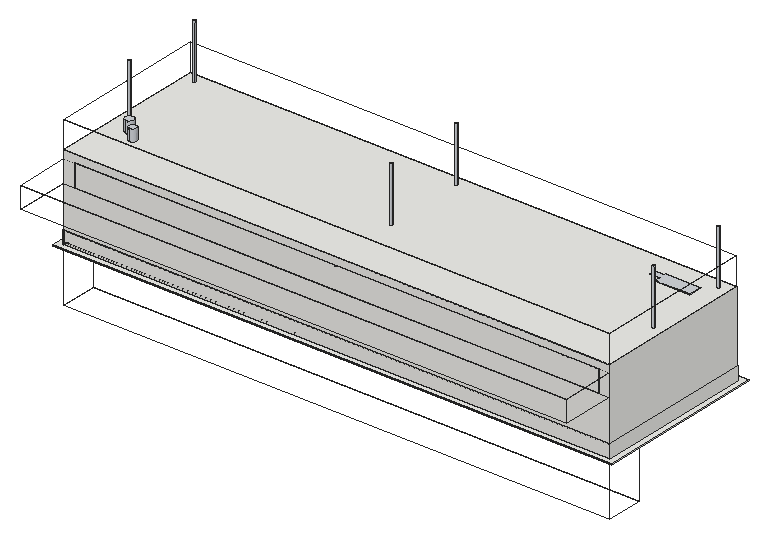
Revit family "AIRTECNICS_AIR CURTAIN_RECESSED DAM_DX-VRF_(HITACHI)", category Equipos mecánicos, Revit 2016 (continued)
Types (23, lengths in mm): name | Weight | Product Size | Product Reference | Product Heating | Product Description | Power Fans | Noise Level (dB(A)) | Mainfolds | M | Length | Heating Capacity | Gas Coil Volume | G | External Ut. Reference | Dn_Metric_Refrig_Liquid | Dn_Metric_Refrig_Gas | DX VRV | DX Kit | DX Coil Rows = 4 | DX Coil Rows = 3 | DX Coil Rows | DX 1:1 | Current Fans | L | CT | CR | CM | CH | Apparent Load | Airflow
  RDAM ECG 2000 VRF20-HI | 105.00 kg | "2000" | "RDAM ECG 2000 VRF20-HI" | "Direct Expansion VRF system" | "Compact and low profile recessed air curtain with full grille view and energy savings heat pump: Up to 70% reduction in costs and CO2 emissions (heating mode).\r\nSelf-supporting casing construction made of galvanized steel plate, ready to be installed recessed in a false ceiling. \r\nInlet grille (free of maintenance) made with aluminium profiles and blow-out nozzle, integrated in a single white frame colour RAL 9016. Other colours are available on request. \r\nDouble-inlet centrifugal fans driven by an external rotor motor and low noise level. 5-speed selector. EC models assembled with very low consumption efficiency fans. \r\nIncludes only heating direct expansion coil with installed temperature sensors. Under request it can be modified to work in cooling and heating mode (not recomended) with optional condensate water pump.\r\nPlug&Play control panel CS-5DX-NE slave DX with 5 speeds selector and 7m telephone cable included.\r\nReady to connect to HITACHI VRF outdoor heat pump unit (R410A), not included, the customer should purchase it.\r\nRequires EXV-8.0E2 HITACHI VRF Interface KIT adapted for air curtain with expansion valve and  PC-ART programmable control, please consult. The client should send the complete DX kit to Airtècnics in order to adapt it and install the temperature sensors.\r\nAir Volume: 4380 m3/h \r\nFans:  0,426 kW  3,72 A 230Vx1 50/60Hz\r\nHeating capacity: 20,21 kW\r\nDimensions: 627x310x2048 mm (depth, height, length)\r\nNOT SUPPLIED BY AIRTÈCNICS:\r\nEXV-8.0E2 Interface VRF kit with direct expansion valve and PC-ART programmable control.\r\nExternal unit VRF." | 0.426 kW | 63 | "1\" & 3/8" | no | 2048.0 | 20.21 kW | 3.10 L | yes | "Not available" | 10 | 25 | yes | "EXV-8.0E2" | no | yes | 3 | no | 3.72 A | 2000.0 | 8 | 4 | 12 | 4 | 852 VA | 4380 m³/h
  RDAM ECG 2000 DX22-HI | 105.00 kg | "2000" | "RDAM ECG 2000 DX22-HI" | "Direct Expansion 1:1 system" | "Compact and low profile recessed air curtain with full grille view and energy savings heat pump: Up to 70% reduction in costs and CO2 emissions (heating mode).\r\nSelf-supporting casing construction made of galvanized steel plate, ready to be installed recessed in a false ceiling. \r\nInlet grille (free of maintenance) made with aluminium profiles and blow-out nozzle, integrated in a single white frame colour RAL 9016. Other colours are available on request. \r\nDouble-inlet centrifugal fans driven by an external rotor motor and low noise level. 5-speed selector. EC models assembled with very low consumption efficiency fans. \r\nIncludes only heating direct expansion coil with installed temperature sensors. Under request it can be modified to work in cooling and heating mode (not recomended) with optional condensate water pump.\r\nPlug&Play control panel CS-5DX-NE slave DX with 5 speeds selector and 7m telephone cable included.\r\nReady to connect to HITACHI Inverter outdoor heat pump unit (R410A), not included, the customer should purchase it.\r\nRequires EXV-8.0E2 HITACHI DX Interface KIT adapted for air curtain with expansion valve and  PC-ART programmable control, please consult. The client should send the complete DX kit to Airtècnics in order to adapt it and install the temperature sensors.\r\nAir Volume: 4380 m3/h \r\nFans:  0,426 kW  3,72 A 230Vx1 50/60Hz\r\nHeating capacity: 22,40 kW\r\nDimensions: 627x310x2048 mm (depth, height, length)\r\nNOT SUPPLIED BY AIRTÈCNICS:\r\nEXV-8.0E2 Interface DX kit with direct expansion valve and PC-ART programmable control.\r\nExternal unit:\r\n RAS-8HNCEExternal unit with direct expansion valve Hitachi, triple phase motor 400Vx3 50Hz.\r\nHeating capacity 22,4kW. Heating power: 5,28kW. COP 4,24.\r\nCooling capacity 20kW. Cooling power 5,95kW. EER 3,36.\r\nCooling circuits 1\" - 3/8\".\r\nMaximum length 100m.\r\nMaximum slope 30m." | 0.426 kW | 63 | "1\" & 3/8" | no | 2048.0 | 22.4 kW | 4.10 L | yes | "RAS-8HNCE" | 10 | 25 | no | "EXV-8.0E2" | yes | no | 4 | yes | 3.72 A | 2000.0 | 8 | 2 | 12 | 2 | 852 VA | 4380 m³/h
  RDAM ECG 1500 VRF15-HI | 80.00 kg | "1500" | "RDAM ECG 1500 VRF15-HI" | "Direct Expansion VRF system" | "Compact and low profile recessed air curtain with full grille view and energy savings heat pump: Up to 70% reduction in costs and CO2 emissions (heating mode).\r\nSelf-supporting casing construction made of galvanized steel plate, ready to be installed recessed in a false ceiling. \r\nInlet grille (free of maintenance) made with aluminium profiles and blow-out nozzle, integrated in a single white frame colour RAL 9016. Other colours are available on request. \r\nDouble-inlet centrifugal fans driven by an external rotor motor and low noise level. 5-speed selector. EC models assembled with very low consumption efficiency fans. \r\nIncludes only heating direct expansion coil with installed temperature sensors. Under request it can be modified to work in cooling and heating mode (not recomended) with optional condensate water pump.\r\nPlug&Play control panel CS-5DX-NE slave DX with 5 speeds selector and 7m telephone cable included.\r\nReady to connect to HITACHI VRF outdoor heat pump unit (R410A), not included, the customer should purchase it.\r\nRequires EXV-6.0E2 HITACHI VRF Interface KIT adapted for air curtain with expansion valve and  PC-ART programmable control, please consult. The client should send the complete DX kit to Airtècnics in order to adapt it and install the temperature sensors.\r\nAir Volume: 2920 m3/h \r\nFans:  0,284 kW  2,48 A 230Vx1 50/60Hz\r\nHeating capacity: 15,32 kW\r\nDimensions: 627x310x1548 mm (depth, height, length)\r\nNOT SUPPLIED BY AIRTÈCNICS:\r\nEXV-6.0E2 Interface VRF kit with direct expansion valve and PC-ART programmable control.\r\nExternal unit VRF." | 0.284 kW | 62 | "5/8 & 3/8" | no | 1548.0 | 15.32 kW | 3.00 L | yes | "Not available" | 10 | 16 | yes | "EXV-6.0E2" | yes | no | 4 | no | 2.48 A | 1500.0 | 4 | 2 | 12 | 4 | 568 VA | 2920 m³/h
  RDAM ECG 1500 VRF13-HI | 80.00 kg | "1500" | "RDAM ECG 1500 VRF13-HI" | "Direct Expansion VRF system" | "Compact and low profile recessed air curtain with full grille view and energy savings heat pump: Up to 70% reduction in costs and CO2 emissions (heating mode).\r\nSelf-supporting casing construction made of galvanized steel plate, ready to be installed recessed in a false ceiling. \r\nInlet grille (free of maintenance) made with aluminium profiles and blow-out nozzle, integrated in a single white frame colour RAL 9016. Other colours are available on request. \r\nDouble-inlet centrifugal fans driven by an external rotor motor and low noise level. 5-speed selector. EC models assembled with very low consumption efficiency fans. \r\nIncludes only heating direct expansion coil with installed temperature sensors. Under request it can be modified to work in cooling and heating mode (not recomended) with optional condensate water pump.\r\nPlug&Play control panel CS-5DX-NE slave DX with 5 speeds selector and 7m telephone cable included.\r\nReady to connect to HITACHI VRF outdoor heat pump unit (R410A), not included, the customer should purchase it.\r\nRequires EXV-6.0E2 HITACHI VRF Interface KIT adapted for air curtain with expansion valve and  PC-ART programmable control, please consult. The client should send the complete DX kit to Airtècnics in order to adapt it and install the temperature sensors.\r\nAir Volume: 2920 m3/h \r\nFans:  0,284 kW  2,48 A 230Vx1 50/60Hz\r\nHeating capacity: 13,11 kW\r\nDimensions: 627x310x1548 mm (depth, height, length)\r\nNOT SUPPLIED BY AIRTÈCNICS:\r\nEXV-6.0E2 Interface VRF kit with direct expansion valve and PC-ART programmable control.\r\nExternal unit VRF." | 0.284 kW | 62 | "5/8 & 3/8" | no | 1548.0 | 13.11 kW | 2.20 L | yes | "Not available" | 10 | 16 | yes | "EXV-5.0E2" | no | yes | 3 | no | 2.48 A | 1500.0 | 4 | 4 | 12 | 4 | 568 VA | 2920 m³/h
  RDAM ECG 1500 DX15-HI | 80.00 kg | "1500" | "RDAM ECG 1500 DX15-HI" | "Direct Expansion 1:1 system" | "Compact and low profile recessed air curtain with full grille view and energy savings heat pump: Up to 70% reduction in costs and CO2 emissions (heating mode).\r\nSelf-supporting casing construction made of galvanized steel plate, ready to be installed recessed in a false ceiling. \r\nInlet grille (free of maintenance) made with aluminium profiles and blow-out nozzle, integrated in a single white frame colour RAL 9016. Other colours are available on request. \r\nDouble-inlet centrifugal fans driven by an external rotor motor and low noise level. 5-speed selector. EC models assembled with very low consumption efficiency fans. \r\nIncludes only heating direct expansion coil with installed temperature sensors. Under request it can be modified to work in cooling and heating mode (not recomended) with optional condensate water pump.\r\nPlug&Play control panel CS-5DX-NE slave DX with 5 speeds selector and 7m telephone cable included.\r\nReady to connect to HITACHI Inverter outdoor heat pump unit (R410A), not included, the customer should purchase it.\r\nRequires EXV-6.0E2 HITACHI DX Interface KIT adapted for air curtain with expansion valve and  PC-ART programmable control, please consult. The client should send the complete DX kit to Airtècnics in order to adapt it and install the temperature sensors.\r\nAir Volume: 2920 m3/h \r\nFans:  0,284 kW  2,48 A 230Vx1 50/60Hz\r\nHeating capacity: 15,32 kW\r\nDimensions: 627x310x1548 mm (depth, height, length)\r\nNOT SUPPLIED BY AIRTÈCNICS:\r\nEXV-6.0E2 Interface DX kit with direct expansion valve and PC-ART programmable control.\r\nExternal unit:\r\nOption 1: RAS-6HVNC1E\r\nExternal unit with direct expansion valve Hitachi, single phase motor 230Vx1 50Hz.\r\nHeating capacity 16kW. Heating power: 4,23kW. COP 3,78.\r\nCooling capacity 14kW. Cooling power 4,25kW. EER 3,29.\r\nCooling circuits 5/8\" - 3/8\".\r\nMaximum length 75m.\r\nMaximum slope 30m.\r\nOption 2: RAS-6HNC1E\r\nExternal unit with direct expansion valve Hitachi, triple phase motor 400Vx3 50Hz.\r\nHeating capacity 16kW. Heating power: 4,23kW. COP 3,78.\r\nCooling capacity 14kW. Cooling power 4,25kW. EER 3,29.\r\nCooling circuits 5/8\" - 3/8\".\r\nMaximum length 75m.\r\nMaximum slope 30m." | 0.284 kW | 62 | "5/8 & 3/8" | no | 1548.0 | 15.32 kW | 3.00 L | yes | "RAS-6HNC1E" | 10 | 16 | no | "EXV-6.0E2" | yes | no | 4 | yes | 2.48 A | 1500.0 | 4 | 2 | 12 | 2 | 568 VA | 2920 m³/h
  RDAM ECG 1500 DX13-HI | 80.00 kg | "1500" | "RDAM ECG 1500 DX13-HI" | "Direct Expansion 1:1 system" | "Compact and low profile recessed air curtain with full grille view and energy savings heat pump: Up to 70% reduction in costs and CO2 emissions (heating mode).\r\nSelf-supporting casing construction made of galvanized steel plate, ready to be installed recessed in a false ceiling. \r\nInlet grille (free of maintenance) made with aluminium profiles and blow-out nozzle, integrated in a single white frame colour RAL 9016. Other colours are available on request. \r\nDouble-inlet centrifugal fans driven by an external rotor motor and low noise level. 5-speed selector. EC models assembled with very low consumption efficiency fans. \r\nIncludes only heating direct expansion coil with installed temperature sensors. Under request it can be modified to work in cooling and heating mode (not recomended) with optional condensate water pump.\r\nPlug&Play control panel CS-5DX-NE slave DX with 5 speeds selector and 7m telephone cable included.\r\nReady to connect to HITACHI Inverter outdoor heat pump unit (R410A), not included, the customer should purchase it.\r\nRequires EXV-6.0E2 HITACHI DX Interface KIT adapted for air curtain with expansion valve and  PC-ART programmable control, please consult. The client should send the complete DX kit to Airtècnics in order to adapt it and install the temperature sensors.\r\nAir Volume: 2920 m3/h \r\nFans:  0,284 kW  2,48 A 230Vx1 50/60Hz\r\nHeating capacity: 13,11 kW\r\nDimensions: 627x310x1548 mm (depth, height, length)\r\nNOT SUPPLIED BY AIRTÈCNICS:\r\nEXV-6.0E2 Interface DX kit with direct expansion valve and PC-ART programmable control.\r\nExternal unit:\r\nOption 1: RAS-5HVNC1E\r\nExternal unit with direct expansion valve Hitachi, single phase motor 230Vx1 50Hz.\r\nHeating capacity 14kW. Heating power: 3,39kW. COP 4,12.\r\nCooling capacity 12,5kW. Cooling power 3,53kW. EER 3,54.\r\nCooling circuits 5/8\" - 3/8\".\r\nMaximum length 75m.\r\nMaximum slope 30m.\r\nOption 2: RAS-5HNC1E\r\nExternal unit with direct expansion valve Hitachi, triple phase motor 400Vx3 50Hz.\r\nHeating capacity 14kW. Heating power: 3,39kW. COP 4,12.\r\nCooling capacity 12,5kW. Cooling power 3,53kW. EER 3,54.\r\nCooling circuits 5/8\" - 3/8\".\r\nMaximum length 75m.\r\nMaximum slope 30m." | 0.284 kW | 62 | "5/8 & 3/8" | no | 1548.0 | 13.11 kW | 2.20 L | yes | "RAS-5HNC1E" | 10 | 16 | no | "EXV-5.0E2" | no | yes | 3 | yes | 2.48 A | 1500.0 | 4 | 4 | 12 | 2 | 568 VA | 2920 m³/h
  RDAM ECG 1000 VRF10-HI | 55.00 kg | "1000" | "RDAM ECG 1000 VRF10-HI" | "Direct Expansion VRF system" | "Compact and low profile recessed air curtain with full grille view and energy savings heat pump: Up to 70% reduction in costs and CO2 emissions (heating mode).\r\nSelf-supporting casing construction made of galvanized steel plate, ready to be installed recessed in a false ceiling. \r\nInlet grille (free of maintenance) made with aluminium profiles and blow-out nozzle, integrated in a single white frame colour RAL 9016. Other colours are available on request. \r\nDouble-inlet centrifugal fans driven by an external rotor motor and low noise level. 5-speed selector. EC models assembled with very low consumption efficiency fans. \r\nIncludes only heating direct expansion coil with installed temperature sensors. Under request it can be modified to work in cooling and heating mode (not recomended) with optional condensate water pump.\r\nPlug&Play control panel CS-5DX-NE slave DX with 5 speeds selector and 7m telephone cable included.\r\nReady to connect to HITACHI VRF outdoor heat pump unit (R410A), not included, the customer should purchase it.\r\nRequires EXV-4.0E2 HITACHI VRF Interface KIT adapted for air curtain with expansion valve and  PC-ART programmable control, please consult. The client should send the complete DX kit to Airtècnics in order to adapt it and install the temperature sensors.\r\nAir Volume: 2190 m3/h \r\nFans:  0,213 kW  1,86 A 230Vx1 50/60Hz\r\nHeating capacity: 9,70 kW\r\nDimensions: 627x310x1048 mm (depth, height, length)\r\nNOT SUPPLIED BY AIRTÈCNICS:\r\nEXV-4.0E2 Interface VRF kit with direct expansion valve and PC-ART programmable control.\r\nExternal unit VRF." | 0.213 kW | 61 | "5/8 & 3/8" | no | 1048.0 | 9.7 kW | 1.80 L | yes | "Not available" | 10 | 16 | yes | "EXV-4.0E2" | yes | no | 4 | no | 1.86 A | 1000.0 | 2 | 2 | 12 | 4 | 426 VA | 2190 m³/h
  RDAM ECG 1000 DX8-HI | 55.00 kg | "1000" | "RDAM ECG 1000 DX8-HI" | "Direct Expansion 1:1 system" | "Compact and low profile recessed air curtain with full grille view and energy savings heat pump: Up to 70% reduction in costs and CO2 emissions (heating mode).\r\nSelf-supporting casing construction made of galvanized steel plate, ready to be installed recessed in a false ceiling. \r\nInlet grille (free of maintenance) made with aluminium profiles and blow-out nozzle, integrated in a single white frame colour RAL 9016. Other colours are available on request. \r\nDouble-inlet centrifugal fans driven by an external rotor motor and low noise level. 5-speed selector. EC models assembled with very low consumption efficiency fans. \r\nIncludes only heating direct expansion coil with installed temperature sensors. Under request it can be modified to work in cooling and heating mode (not recomended) with optional condensate water pump.\r\nPlug&Play control panel CS-5DX-NE slave DX with 5 speeds selector and 7m telephone cable included.\r\nReady to connect to HITACHI Inverter outdoor heat pump unit (R410A), not included, the customer should purchase it.\r\nRequires EXV-3.0E2 HITACHI DX Interface KIT adapted for air curtain with expansion valve and  PC-ART programmable control, please consult. The client should send the complete DX kit to Airtècnics in order to adapt it and install the temperature sensors.\r\nAir Volume: 2190 m3/h \r\nFans:  0,213 kW  1,86 A 230Vx1 50/60Hz\r\nHeating capacity: 8,00 kW\r\nDimensions: 627x310x1048 mm (depth, height, length)\r\nNOT SUPPLIED BY AIRTÈCNICS:\r\nEXV-3.0E2 Interface DX kit with direct expansion valve and PC-ART programmable control.\r\nExternal unit:\r\n RAS-3HVNC1\r\nExternal unit with direct expansion valve Hitachi, single phase motor 230Vx1 50Hz.\r\nHeating capacity 8kW. Heating power: 1,9kW. SCOP 4,21.\r\nCooling capacity 7,1kW. Cooling power 1,94kW. SEER 3,66.\r\nCooling circuits 5/8\" - 3/8\".\r\nMaximum length 50m.\r\nMaximum slope 30m." | 0.213 kW | 61 | "5/8 & 3/8" | no | 1048.0 | 8 kW | 1.40 L | yes | "Only Single Phase" | 10 | 16 | no | "EXV-3.0E2" | no | yes | 3 | yes | 1.86 A | 1000.0 | 2 | 4 | 12 | 2 | 426 VA | 2190 m³/h
  RDAM ECM 2500 VRF24-HI | 106.00 kg | "2500" | "RDAM ECM 2500 VRF24-HI" | "Direct Expansion VRF system" | "Compact and low profile recessed air curtain with full grille view and energy savings heat pump: Up to 70% reduction in costs and CO2 emissions (heating mode).\r\nSelf-supporting casing construction made of galvanized steel plate, ready to be installed recessed in a false ceiling. \r\nInlet grille (free of maintenance) made with aluminium profiles and blow-out nozzle, integrated in a single white frame colour RAL 9016. Other colours are available on request. \r\nDouble-inlet centrifugal fans driven by an external rotor motor and low noise level. 5-speed selector. EC models assembled with very low consumption efficiency fans. \r\nIncludes only heating direct expansion coil with installed temperature sensors. Under request it can be modified to work in cooling and heating mode (not recomended) with optional condensate water pump.\r\nPlug&Play control panel CS-5DX-NE slave DX with 5 speeds selector and 7m telephone cable included.\r\nReady to connect to HITACHI VRF outdoor heat pump unit (R410A), not included, the customer should purchase it.\r\nRequires EXV-10.0E2 HITACHI VRF Interface KIT adapted for air curtain with expansion valve and  PC-ART programmable control, please consult. The client should send the complete DX kit to Airtècnics in order to adapt it and install the temperature sensors.\r\nAir Volume: 4100 m3/h \r\nFans:  0,355 kW  3,1 A 230Vx1 50/60Hz\r\nHeating capacity: 24,38 kW\r\nDimensions: 627x310x2548 mm (depth, height, length)\r\nNOT SUPPLIED BY AIRTÈCNICS:\r\nEXV-10.0E2 Interface VRF kit with direct expansion valve and PC-ART programmable control.\r\nExternal unit VRF." | 0.355 kW | 59 | "1\" & 1/2" | yes | 2548.0 | 23.63 kW | 5.30 L | no | "Not available" | 15 | 25 | yes | "EXV-10.0E2" | yes | no | 4 | no | 3.1 A | 2500.0 | 16 | 2 | 6 | 4 | 710 VA | 5110 m³/h
  RDAM ECM 2500 VRF21-HI | 106.00 kg | "2500" | "RDAM ECM 2500 VRF21-HI" | "Direct Expansion VRF system" | "Compact and low profile recessed air curtain with full grille view and energy savings heat pump: Up to 70% reduction in costs and CO2 emissions (heating mode).\r\nSelf-supporting casing construction made of galvanized steel plate, ready to be installed recessed in a false ceiling. \r\nInlet grille (free of maintenance) made with aluminium profiles and blow-out nozzle, integrated in a single white frame colour RAL 9016. Other colours are available on request. \r\nDouble-inlet centrifugal fans driven by an external rotor motor and low noise level. 5-speed selector. EC models assembled with very low consumption efficiency fans. \r\nIncludes only heating direct expansion coil with installed temperature sensors. Under request it can be modified to work in cooling and heating mode (not recomended) with optional condensate water pump.\r\nPlug&Play control panel CS-5DX-NE slave DX with 5 speeds selector and 7m telephone cable included.\r\nReady to connect to HITACHI VRF outdoor heat pump unit (R410A), not included, the customer should purchase it.\r\nRequires EXV-8.0E2 HITACHI VRF Interface KIT adapted for air curtain with expansion valve and  PC-ART programmable control, please consult. The client should send the complete DX kit to Airtècnics in order to adapt it and install the temperature sensors.\r\nAir Volume: 4100 m3/h \r\nFans:  0,355 kW  3,1 A 230Vx1 50/60Hz\r\nHeating capacity: 21,20 kW\r\nDimensions: 627x310x2548 mm (depth, height, length)\r\nNOT SUPPLIED BY AIRTÈCNICS:\r\nEXV-8.0E2 Interface VRF kit with direct expansion valve and PC-ART programmable control.\r\nExternal unit VRF." | 0.355 kW | 59 | "1\" & 3/8" | yes | 2548.0 | 21.2 kW | 3.90 L | no | "Not available" | 10 | 25 | yes | "EXV-8.0E2" | no | yes | 3 | no | 3.1 A | 2500.0 | 16 | 4 | 6 | 4 | 710 VA | 5110 m³/h
  RDAM ECM 2500 DX21-HI | 106.00 kg | "2500" | "RDAM ECM 2500 DX21-HI" | "Direct Expansion 1:1 system" | "Compact and low profile recessed air curtain with full grille view and energy savings heat pump: Up to 70% reduction in costs and CO2 emissions (heating mode).\r\nSelf-supporting casing construction made of galvanized steel plate, ready to be installed recessed in a false ceiling. \r\nInlet grille (free of maintenance) made with aluminium profiles and blow-out nozzle, integrated in a single white frame colour RAL 9016. Other colours are available on request. \r\nDouble-inlet centrifugal fans driven by an external rotor motor and low noise level. 5-speed selector. EC models assembled with very low consumption efficiency fans. \r\nIncludes only heating direct expansion coil with installed temperature sensors. Under request it can be modified to work in cooling and heating mode (not recomended) with optional condensate water pump.\r\nPlug&Play control panel CS-5DX-NE slave DX with 5 speeds selector and 7m telephone cable included.\r\nReady to connect to HITACHI Inverter outdoor heat pump unit (R410A), not included, the customer should purchase it.\r\nRequires EXV-8.0E2 HITACHI DX Interface KIT adapted for air curtain with expansion valve and  PC-ART programmable control, please consult. The client should send the complete DX kit to Airtècnics in order to adapt it and install the temperature sensors.\r\nAir Volume: 4100 m3/h \r\nFans:  0,355 kW  3,1 A 230Vx1 50/60Hz\r\nHeating capacity: 21,20 kW\r\nDimensions: 627x310x2548 mm (depth, height, length)\r\nNOT SUPPLIED BY AIRTÈCNICS:\r\nEXV-8.0E2 Interface DX kit with direct expansion valve and PC-ART programmable control.\r\nExternal unit:\r\n RAS-8HNCEExternal unit with direct expansion valve Hitachi, triple phase motor 400Vx3 50Hz.\r\nHeating capacity 22,4kW. Heating power: 5,28kW. COP 4,24.\r\nCooling capacity 20kW. Cooling power 5,95kW. EER 3,36.\r\nCooling circuits 1\" - 3/8\".\r\nMaximum length 100m.\r\nMaximum slope 30m." | 0.355 kW | 59 | "1\" & 3/8" | yes | 2548.0 | 21.2 kW | 3.90 L | no | "RAS-8HNCE" | 10 | 25 | no | "EXV-8.0E2" | no | yes | 3 | yes | 3.1 A | 2500.0 | 16 | 4 | 6 | 2 | 710 VA | 5110 m³/h
  RDAM ECM 2000 VRF19-HI | 95.00 kg | "2000" | "RDAM ECM 2000 VRF19-HI" | "Direct Expansion VRF system" | "Compact and low profile recessed air curtain with full grille view and energy savings heat pump: Up to 70% reduction in costs and CO2 emissions (heating mode).\r\nSelf-supporting casing construction made of galvanized steel plate, ready to be installed recessed in a false ceiling. \r\nInlet grille (free of maintenance) made with aluminium profiles and blow-out nozzle, integrated in a single white frame colour RAL 9016. Other colours are available on request. \r\nDouble-inlet centrifugal fans driven by an external rotor motor and low noise level. 5-speed selector. EC models assembled with very low consumption efficiency fans. \r\nIncludes only heating direct expansion coil with installed temperature sensors. Under request it can be modified to work in cooling and heating mode (not recomended) with optional condensate water pump.\r\nPlug&Play control panel CS-5DX-NE slave DX with 5 speeds selector and 7m telephone cable included.\r\nReady to connect to HITACHI VRF outdoor heat pump unit (R410A), not included, the customer should purchase it.\r\nRequires EXV-8.0E2 HITACHI VRF Interface KIT adapted for air curtain with expansion valve and  PC-ART programmable control, please consult. The client should send the complete DX kit to Airtècnics in order to adapt it and install the temperature sensors.\r\nAir Volume: 3280 m3/h \r\nFans:  0,284 kW  2,48 A 230Vx1 50/60Hz\r\nHeating capacity: 18,96 kW\r\nDimensions: 627x310x2048 mm (depth, height, length)\r\nNOT SUPPLIED BY AIRTÈCNICS:\r\nEXV-8.0E2 Interface VRF kit with direct expansion valve and PC-ART programmable control.\r\nExternal unit VRF." | 0.284 kW | 58 | "1\" & 3/8" | yes | 2048.0 | 18.96 kW | 4.10 L | no | "Not available" | 10 | 25 | yes | "EXV-8.0E2" | yes | no | 4 | no | 2.48 A | 2000.0 | 8 | 2 | 6 | 4 | 568 VA | 3280 m³/h
  RDAM ECM 2000 VRF16-HI | 95.00 kg | "2000" | "RDAM ECM 2000 VRF16-HI" | "Direct Expansion VRF system" | "Compact and low profile recessed air curtain with full grille view and energy savings heat pump: Up to 70% reduction in costs and CO2 emissions (heating mode).\r\nSelf-supporting casing construction made of galvanized steel plate, ready to be installed recessed in a false ceiling. \r\nInlet grille (free of maintenance) made with aluminium profiles and blow-out nozzle, integrated in a single white frame colour RAL 9016. Other colours are available on request. \r\nDouble-inlet centrifugal fans driven by an external rotor motor and low noise level. 5-speed selector. EC models assembled with very low consumption efficiency fans. \r\nIncludes only heating direct expansion coil with installed temperature sensors. Under request it can be modified to work in cooling and heating mode (not recomended) with optional condensate water pump.\r\nPlug&Play control panel CS-5DX-NE slave DX with 5 speeds selector and 7m telephone cable included.\r\nReady to connect to HITACHI VRF outdoor heat pump unit (R410A), not included, the customer should purchase it.\r\nRequires EXV-6.0E2 HITACHI VRF Interface KIT adapted for air curtain with expansion valve and  PC-ART programmable control, please consult. The client should send the complete DX kit to Airtècnics in order to adapt it and install the temperature sensors.\r\nAir Volume: 3280 m3/h \r\nFans:  0,284 kW  2,48 A 230Vx1 50/60Hz\r\nHeating capacity: 16,44 kW\r\nDimensions: 627x310x2048 mm (depth, height, length)\r\nNOT SUPPLIED BY AIRTÈCNICS:\r\nEXV-6.0E2 Interface VRF kit with direct expansion valve and PC-ART programmable control.\r\nExternal unit VRF." | 0.284 kW | 58 | "5/8 & 3/8" | yes | 2048.0 | 16.44 kW | 3.10 L | no | "Not available" | 10 | 16 | yes | "EXV-6.0E2" | no | yes | 3 | no | 2.48 A | 2000.0 | 8 | 4 | 6 | 4 | 568 VA | 3280 m³/h
  RDAM ECM 2000 DX16-HI | 95.00 kg | "2000" | "RDAM ECM 2000 DX16-HI" | "Direct Expansion 1:1 system" | "Compact and low profile recessed air curtain with full grille view and energy savings heat pump: Up to 70% reduction in costs and CO2 emissions (heating mode).\r\nSelf-supporting casing construction made of galvanized steel plate, ready to be installed recessed in a false ceiling. \r\nInlet grille (free of maintenance) made with aluminium profiles and blow-out nozzle, integrated in a single white frame colour RAL 9016. Other colours are available on request. \r\nDouble-inlet centrifugal fans driven by an external rotor motor and low noise level. 5-speed selector. EC models assembled with very low consumption efficiency fans. \r\nIncludes only heating direct expansion coil with installed temperature sensors. Under request it can be modified to work in cooling and heating mode (not recomended) with optional condensate water pump.\r\nPlug&Play control panel CS-5DX-NE slave DX with 5 speeds selector and 7m telephone cable included.\r\nReady to connect to HITACHI Inverter outdoor heat pump unit (R410A), not included, the customer should purchase it.\r\nRequires EXV-6.0E2 HITACHI DX Interface KIT adapted for air curtain with expansion valve and  PC-ART programmable control, please consult. The client should send the complete DX kit to Airtècnics in order to adapt it and install the temperature sensors.\r\nAir Volume: 3280 m3/h \r\nFans:  0,284 kW  2,48 A 230Vx1 50/60Hz\r\nHeating capacity: 16,00 kW\r\nDimensions: 627x310x2048 mm (depth, height, length)\r\nNOT SUPPLIED BY AIRTÈCNICS:\r\nEXV-6.0E2 Interface DX kit with direct expansion valve and PC-ART programmable control.\r\nExternal unit:\r\nOption 1: RAS-6HVNC1E\r\nExternal unit with direct expansion valve Hitachi, single phase motor 230Vx1 50Hz.\r\nHeating capacity 16kW. Heating power: 4,23kW. COP 3,78.\r\nCooling capacity 14kW. Cooling power 4,25kW. EER 3,29.\r\nCooling circuits 5/8\" - 3/8\".\r\nMaximum length 75m.\r\nMaximum slope 30m.\r\nOption 2: RAS-6HNC1E\r\nExternal unit with direct expansion valve Hitachi, triple phase motor 400Vx3 50Hz.\r\nHeating capacity 16kW. Heating power: 4,23kW. COP 3,78.\r\nCooling capacity 14kW. Cooling power 4,25kW. EER 3,29.\r\nCooling circuits 5/8\" - 3/8\".\r\nMaximum length 75m.\r\nMaximum slope 30m." | 0.284 kW | 58 | "5/8 & 3/8" | yes | 2048.0 | 16 kW | 3.10 L | no | "RAS-6HNCE" | 10 | 16 | no | "EXV-6.0E2" | no | yes | 3 | yes | 2.48 A | 2000.0 | 8 | 4 | 6 | 2 | 568 VA | 3280 m³/h
  RDAM ECM 1500 VRF12-HI | 74.00 kg | "1500" | "RDAM ECM 1500 VRF12-HI" | "Direct Expansion VRF system" | "Compact and low profile recessed air curtain with full grille view and energy savings heat pump: Up to 70% reduction in costs and CO2 emissions (heating mode).\r\nSelf-supporting casing construction made of galvanized steel plate, ready to be installed recessed in a false ceiling. \r\nInlet grille (free of maintenance) made with aluminium profiles and blow-out nozzle, integrated in a single white frame colour RAL 9016. Other colours are available on request. \r\nDouble-inlet centrifugal fans driven by an external rotor motor and low noise level. 5-speed selector. EC models assembled with very low consumption efficiency fans. \r\nIncludes only heating direct expansion coil with installed temperature sensors. Under request it can be modified to work in cooling and heating mode (not recomended) with optional condensate water pump.\r\nPlug&Play control panel CS-5DX-NE slave DX with 5 speeds selector and 7m telephone cable included.\r\nReady to connect to HITACHI VRF outdoor heat pump unit (R410A), not included, the customer should purchase it.\r\nRequires EXV-4.0E2 HITACHI VRF Interface KIT adapted for air curtain with expansion valve and  PC-ART programmable control, please consult. The client should send the complete DX kit to Airtècnics in order to adapt it and install the temperature sensors.\r\nAir Volume: 2460 m3/h \r\nFans:  0,213 kW  1,86 A 230Vx1 50/60Hz\r\nHeating capacity: 11,61 kW\r\nDimensions: 627x310x1548 mm (depth, height, length)\r\nNOT SUPPLIED BY AIRTÈCNICS:\r\nEXV-4.0E2 Interface VRF kit with direct expansion valve and PC-ART programmable control.\r\nExternal unit VRF." | 0.213 kW | 57 | "5/8 & 3/8" | yes | 1548.0 | 11.61 kW | 2.20 L | no | "Not available" | 10 | 16 | yes | "EXV-4.0E2" | no | yes | 3 | no | 1.86 A | 1500.0 | 4 | 4 | 6 | 4 | 426 VA | 2460 m³/h
  RDAM ECM 1500 DX11-HI | 74.00 kg | "1500" | "RDAM ECM 1500 DX11-HI" | "Direct Expansion 1:1 system" | "Compact and low profile recessed air curtain with full grille view and energy savings heat pump: Up to 70% reduction in costs and CO2 emissions (heating mode).\r\nSelf-supporting casing construction made of galvanized steel plate, ready to be installed recessed in a false ceiling. \r\nInlet grille (free of maintenance) made with aluminium profiles and blow-out nozzle, integrated in a single white frame colour RAL 9016. Other colours are available on request. \r\nDouble-inlet centrifugal fans driven by an external rotor motor and low noise level. 5-speed selector. EC models assembled with very low consumption efficiency fans. \r\nIncludes only heating direct expansion coil with installed temperature sensors. Under request it can be modified to work in cooling and heating mode (not recomended) with optional condensate water pump.\r\nPlug&Play control panel CS-5DX-NE slave DX with 5 speeds selector and 7m telephone cable included.\r\nReady to connect to HITACHI Inverter outdoor heat pump unit (R410A), not included, the customer should purchase it.\r\nRequires EXV-4.0E2 HITACHI DX Interface KIT adapted for air curtain with expansion valve and  PC-ART programmable control, please consult. The client should send the complete DX kit to Airtècnics in order to adapt it and install the temperature sensors.\r\nAir Volume: 2460 m3/h \r\nFans:  0,213 kW  1,86 A 230Vx1 50/60Hz\r\nHeating capacity: 11,20 kW\r\nDimensions: 627x310x1548 mm (depth, height, length)\r\nNOT SUPPLIED BY AIRTÈCNICS:\r\nEXV-4.0E2 Interface DX kit with direct expansion valve and PC-ART programmable control.\r\nExternal unit:\r\nOption 1: RAS-4HVNC1E\r\nExternal unit with direct expansion valve Hitachi, single phase motor 230Vx1 50Hz.\r\nHeating capacity 11,2kW. Heating power: 2,54kW. SCOP 4,41.\r\nCooling capacity 10kW. Cooling power 2,44kW. SEER 4,1.\r\nCooling circuits 5/8\" - 3/8\".\r\nMaximum length 70m.\r\nMaximum slope 30m.\r\nOption 2: RAS-4HNC1E\r\nExternal unit with direct expansion valve Hitachi, triple phase motor 400Vx3 50Hz.\r\nHeating capacity 11,2kW. Heating power: 2,54kW. SCOP 4,41.\r\nCooling capacity 10kW. Cooling power 2,44kW. SEER 4,1.\r\nCooling circuits 5/8\" - 3/8\".\r\nMaximum length 70m.\r\nMaximum slope 30m." | 0.213 kW | 57 | "5/8 & 3/8" | yes | 1548.0 | 11.2 kW | 2.20 L | no | "RAS-4HNC1E" | 10 | 16 | no | "EXV-4.0E2" | no | yes | 3 | yes | 1.86 A | 1500.0 | 4 | 4 | 6 | 2 | 426 VA | 2460 m³/h
  RDAM ECM 1000 VRF8-HI | 50.00 kg | "1000" | "RDAM ECM 1000 VRF8-HI" | "Direct Expansion VRF system" | "Compact and low profile recessed air curtain with full grille view and energy savings heat pump: Up to 70% reduction in costs and CO2 emissions (heating mode).\r\nSelf-supporting casing construction made of galvanized steel plate, ready to be installed recessed in a false ceiling. \r\nInlet grille (free of maintenance) made with aluminium profiles and blow-out nozzle, integrated in a single white frame colour RAL 9016. Other colours are available on request. \r\nDouble-inlet centrifugal fans driven by an external rotor motor and low noise level. 5-speed selector. EC models assembled with very low consumption efficiency fans. \r\nIncludes only heating direct expansion coil with installed temperature sensors. Under request it can be modified to work in cooling and heating mode (not recomended) with optional condensate water pump.\r\nPlug&Play control panel CS-5DX-NE slave DX with 5 speeds selector and 7m telephone cable included.\r\nReady to connect to HITACHI VRF outdoor heat pump unit (R410A), not included, the customer should purchase it.\r\nRequires EXV-3.0E2 HITACHI VRF Interface KIT adapted for air curtain with expansion valve and  PC-ART programmable control, please consult. The client should send the complete DX kit to Airtècnics in order to adapt it and install the temperature sensors.\r\nAir Volume: 1640 m3/h \r\nFans:  0,142 kW  1,24 A 230Vx1 50/60Hz\r\nHeating capacity: 7,90 kW\r\nDimensions: 627x310x1048 mm (depth, height, length)\r\nNOT SUPPLIED BY AIRTÈCNICS:\r\nEXV-3.0E2 Interface VRF kit with direct expansion valve and PC-ART programmable control.\r\nExternal unit VRF." | 0.142 kW | 56 | "5/8 & 3/8" | yes | 1048.0 | 7.9 kW | 1.80 L | no | "Not available" | 10 | 16 | yes | "EXV-3.0E2" | yes | no | 4 | no | 1.24 A | 1000.0 | 2 | 2 | 6 | 4 | 284 VA | 1640 m³/h
  RDAM ECM 1000 DX8-HI | 50.00 kg | "1000" | "RDAM ECM 1000 DX8-HI" | "Direct Expansion 1:1 system" | "Compact and low profile recessed air curtain with full grille view and energy savings heat pump: Up to 70% reduction in costs and CO2 emissions (heating mode).\r\nSelf-supporting casing construction made of galvanized steel plate, ready to be installed recessed in a false ceiling. \r\nInlet grille (free of maintenance) made with aluminium profiles and blow-out nozzle, integrated in a single white frame colour RAL 9016. Other colours are available on request. \r\nDouble-inlet centrifugal fans driven by an external rotor motor and low noise level. 5-speed selector. EC models assembled with very low consumption efficiency fans. \r\nIncludes only heating direct expansion coil with installed temperature sensors. Under request it can be modified to work in cooling and heating mode (not recomended) with optional condensate water pump.\r\nPlug&Play control panel CS-5DX-NE slave DX with 5 speeds selector and 7m telephone cable included.\r\nReady to connect to HITACHI Inverter outdoor heat pump unit (R410A), not included, the customer should purchase it.\r\nRequires EXV-3.0E2 HITACHI DX Interface KIT adapted for air curtain with expansion valve and  PC-ART programmable control, please consult. The client should send the complete DX kit to Airtècnics in order to adapt it and install the temperature sensors.\r\nAir Volume: 1640 m3/h \r\nFans:  0,142 kW  1,24 A 230Vx1 50/60Hz\r\nHeating capacity: 7,90 kW\r\nDimensions: 627x310x1048 mm (depth, height, length)\r\nNOT SUPPLIED BY AIRTÈCNICS:\r\nEXV-3.0E2 Interface DX kit with direct expansion valve and PC-ART programmable control.\r\nExternal unit:\r\n RAS-3HVNC1\r\nExternal unit with direct expansion valve Hitachi, single phase motor 230Vx1 50Hz.\r\nHeating capacity 8kW. Heating power: 1,9kW. SCOP 4,21.\r\nCooling capacity 7,1kW. Cooling power 1,94kW. SEER 3,66.\r\nCooling circuits 5/8\" - 3/8\".\r\nMaximum length 50m.\r\nMaximum slope 30m." | 0.142 kW | 56 | "5/8 & 3/8" | yes | 1048.0 | 7.9 kW | 1.80 L | no | "Only Single Phase" | 10 | 16 | no | "EXV-3.0E2" | yes | no | 4 | yes | 1.24 A | 1000.0 | 2 | 2 | 6 | 2 | 284 VA | 1640 m³/h
